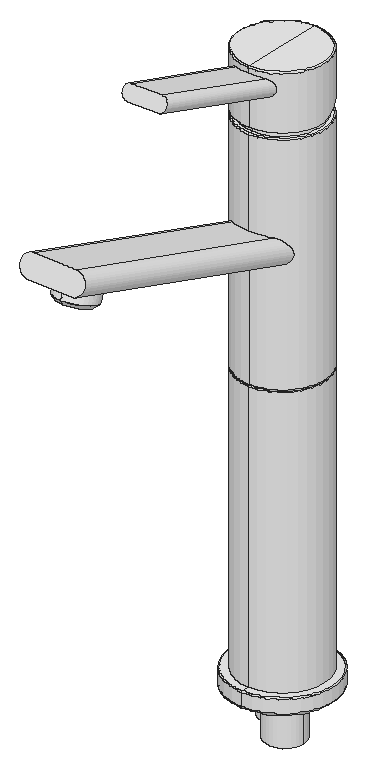
Revit family "Mixer-Basin-Dorf Villa-Tower", category Plumbing Fixtures, host Face, Revit 2014
Parameters (values of type "Standard")
  Width_ANZRS = 54 mm  # constant formula
  Waste Connection = no
  WELSRating_ANZRS = "WELS 5 star rated, 6L/min"  # constant formula
  Vent Connection = no
  URL = "http://specify.caroma.com.au/"
  Type Comments = "Dorf Villa Tower Basin Mixer"  # constant formula
  ModifiedIssue_ANZRS = 20150505.01  # constant formula
  Model = "6902.045A "  # constant formula
  Material_ANZRS = Metal-Chrome-Caroma
  Manufacturer = "GWA Bathrooms & Kitchens"  # constant formula
  Length_ANZRS = 167 mm  # constant formula
  Height_ANZRS = 184 mm  # constant formula
  HWFU = 1.58  # constant formula
  HW Connection = yes
  Description = "The Villa range is a timeless, yet modern design with circular profiles to soften it’s sharp angles"  # constant formula
  Default Elevation = 0 mm
  CreatedBy_ANZRS = "Design Content"  # constant formula
  CreatedByURL_ANZRS = "http://www.designcontent.com.au"
  Cost = 0
  Connector Radius = 10 mm  # constant formula
  CWFU = 1.58  # constant formula
  CW Connection = yes
  Assembly Code = "D2020300"
Reference planes
  plane 1 "Center (Front/Back)": y = 0
  plane 2: z = 0
  plane 3 "Center (Left/Right)": x = 0
Forms (mm)
  Extrusion 1, solid, material "Metal-Chrome-Caroma" <- "Material_ANZRS"
    sketch origin (0, 0, 0) x (1, 0, 0) y (0, 1, 0)
      loop
        circle (7.071, -7.071) r 10
    from -20 to 0
  Extrusion 2, solid, material "Metal-Chrome-Caroma" <- "Material_ANZRS"
    sketch origin (0, 0, 0) x (1, 0, 0) y (0, 1, 0)
      loop
        circle (-7.071, 7.071) r 10
    from -20 to 0
  Revolve 3, solid, material "Metal-Chrome-Caroma" <- "Material_ANZRS"
    sketch origin (0, 0, 0) x (0, 1, 0) y (0, 0, 1)
      loop
        line (0, 0) -> (26.521, 0)
        arc (26.521, 0) -> (26.875, 0.146) -> (27.021, 0.5) r 0.5
        line (27.021, 0.5) -> (27.021, 7.5)
        arc (27.021, 7.5) -> (26.875, 7.854) -> (26.521, 8) r 0.5
        line (26.521, 8) -> (22.5, 8) -> (22.5, 152.442)
        arc (22.5, 152.442) -> (22.354, 152.796) -> (22, 152.942) r 0.5
        line (22, 152.942) -> (0, 152.942) -> (0, 0)
      axis (0, 152.942) -> (0, 0)
    angle from 0 to 360
  Revolve 4, solid, material "Metal-Chrome-Caroma" <- "Material_ANZRS"
    sketch origin (0, 0, -40) x (0, 1, 0) y (0, 0, 1)
      loop
        line (0, 192.942) -> (22, 192.942)
        arc (22, 192.942) -> (22.354, 193.089) -> (22.5, 193.442) r 0.5
        line (22.5, 193.442) -> (22.5, 313.5)
        arc (22.5, 313.5) -> (22.354, 313.854) -> (22, 314) r 0.5
        line (22, 314) -> (20, 314)
        arc (20, 314) -> (18.995, 320.35) -> (15.928, 326) r 18.975
        line (15.928, 326) -> (0, 326) -> (0, 192.942)
      axis (0, 326) -> (0, 192.942)
    angle from 0 to 360
  Revolve 5, solid, material "Metal-Chrome-Caroma" <- "Material_ANZRS"
    sketch origin (0, 0, 124) x (0, 1, 0) y (0, 0, 1)
      loop
        line (0, 153) -> (0, 182) -> (-22, 182)
        arc (-22, 182) -> (-22.354, 181.854) -> (-22.5, 181.5) r 0.5
        line (-22.5, 181.5) -> (-22.5, 153) -> (0, 153)
      axis (0, 182) -> (0, 153)
    angle from 0 to 360
  Extrusion 6, void
    sketch origin (0, 0, 124) x (0, 1, 0) y (0, 0, 1)
      loop
        line (-3.612, 151.316) -> (23.495, 151.316) -> (23.495, 163.956) -> (-3.612, 151.316)
    from -50 to 50
  Sweep 7, solid, material "Metal-Chrome-Caroma" <- "Material_ANZRS"
    path origin (0, 0, 124) x (0, 1, 0) y (0, 0, 1)
      loop
        line (-16.654, 177.101) -> (-90.837, 201.204)
    profile origin (0, -90.837, 325.204) x (0, -0.309017, -0.951057) y (1, 0, 0)
      loop
        line (0, 8) -> (0, -8)
        arc (0, -8) -> (4, -12) -> (8, -8) r 4
        line (8, -8) -> (8, 8)
        arc (8, 8) -> (4, 12) -> (0, 8) r 4
  Sweep 8, solid, material "Metal-Chrome-Caroma" <- "Material_ANZRS"
    path origin (0, 0.153, 48.309) x (0, 1, 0) y (0, 0, 1)
      loop
        line (-8.907, 174.559) -> (-152.01, 221.056)
    profile origin (0, -151.856, 269.365) x (0, -0.309017, -0.951057) y (1, 0, 0)
      loop
        line (0, 11.5) -> (0, -11.5)
        arc (0, -11.5) -> (6, -17.5) -> (12, -11.5) r 6
        line (12, -11.5) -> (12, 11.5)
        arc (12, 11.5) -> (6, 17.5) -> (0, 11.5) r 6
  Revolve 9, solid, material "Metal-Chrome-Caroma" <- "Material_ANZRS"
    sketch origin (0, -88.988, 170.036) x (0, 1, 0) y (0, 0, 1)
      loop
        line (-41.9, 71.274) -> (-39.202, 72.5) -> (-35.668, 83.377) -> (-45.83, 86.678) -> (-49.982, 73.9) -> (-41.9, 71.274)
      axis (-49.982, 73.9) -> (-45.83, 86.678)
    angle from 0 to 360
Cuts and joins
  Extrusion 6 cuts Revolve 5
  joined: Revolve 4, Revolve 5, Sweep 7, Sweep 8, Revolve 9
Lines and regions (mm)
  Masking region 1
    outline origin (0, 0, 0) x (0, 1, 0) y (0, 0, 1)
      loop
        line (-26.521, 0) -> (26.521, 0)
        arc (26.521, 0) -> (26.875, 0.146) -> (27.021, 0.5) r 0.5
        line (27.021, 0.5) -> (27.021, 7.5)
        arc (27.021, 7.5) -> (26.875, 7.854) -> (26.521, 8) r 0.5
        line (26.521, 8) -> (22.5, 8) -> (22.5, 152.442)
        arc (22.5, 152.442) -> (22.354, 152.796) -> (22, 152.942) r 0.5
        arc (22, 152.942) -> (22.354, 153.089) -> (22.5, 153.442) r 0.5
        line (22.5, 153.442) -> (22.5, 273.5)
        arc (22.5, 273.5) -> (22.354, 273.854) -> (22, 274) r 0.5
        line (22, 274) -> (20, 274)
        arc (20, 274) -> (19.216, 279.658) -> (16.783, 284.826) r 18.975
        line (16.783, 284.826) -> (22.5, 287.492) -> (22.5, 305.5)
        arc (22.5, 305.5) -> (22.354, 305.854) -> (22, 306) r 0.5
        line (22, 306) -> (0, 306) -> (-22, 306)
        arc (-22, 306) -> (-22.354, 305.854) -> (-22.5, 305.5) r 0.5
        line (-22.5, 305.5) -> (-22.5, 303) -> (-90.361, 325.05)
        arc (-90.361, 325.05) -> (-90.743, 325.02) -> (-90.991, 324.729) r 0.5
        line (-90.991, 324.729) -> (-93.154, 318.071)
        arc (-93.154, 318.071) -> (-93.124, 317.69) -> (-92.833, 317.441) r 0.5
        line (-92.833, 317.441) -> (-22.5, 294.588) -> (-22.5, 277) -> (-19.802, 277)
        arc (-19.802, 277) -> (-19.96, 275.504) -> (-20, 274) r 18.975
        line (-20, 274) -> (-22, 274)
        arc (-22, 274) -> (-22.354, 273.854) -> (-22.5, 273.5) r 0.5
        line (-22.5, 273.5) -> (-22.5, 227.335) -> (-151.856, 269.365) -> (-155.565, 257.953) -> (-146.597, 255.039) -> (-148.513, 249.14) -> (-147.051, 246.562) -> (-130.888, 241.31) -> (-128.19, 242.537) -> (-126.274, 248.435) -> (-22.5, 214.717) -> (-22.5, 153.442)
        arc (-22.5, 153.442) -> (-22.354, 153.089) -> (-22, 152.942) r 0.5
        arc (-22, 152.942) -> (-22.354, 152.796) -> (-22.5, 152.442) r 0.5
        line (-22.5, 152.442) -> (-22.5, 8) -> (-26.521, 8)
        arc (-26.521, 8) -> (-26.875, 7.854) -> (-27.021, 7.5) r 0.5
        line (-27.021, 7.5) -> (-27.021, 0.5)
        arc (-27.021, 0.5) -> (-26.875, 0.146) -> (-26.521, 0) r 0.5
  Masking region 2
    outline origin (0, 0, 0) x (1, 0, 0) y (0, 0, 1)
      loop
        arc (26.521, 0) -> (26.875, 0.146) -> (27.021, 0.5) r 0.5
        line (27.021, 0.5) -> (27.021, 7.5)
        arc (27.021, 7.5) -> (26.875, 7.854) -> (26.521, 8) r 0.5
        line (26.521, 8) -> (22.5, 8) -> (22.5, 152.444)
        arc (22.5, 152.444) -> (22.354, 152.797) -> (22, 152.944) r 0.5
        arc (22, 152.944) -> (22.354, 153.09) -> (22.5, 153.444) r 0.5
        line (22.5, 153.444) -> (22.5, 273.5)
        arc (22.5, 273.5) -> (22.354, 273.854) -> (22, 274) r 0.5
        line (22, 274) -> (20, 274)
        arc (20, 274) -> (19.96, 275.504) -> (19.802, 277) r 18.975
        line (19.802, 277) -> (22.5, 277) -> (22.5, 305.5)
        arc (22.5, 305.5) -> (22.354, 305.854) -> (22, 306) r 0.5
        line (22, 306) -> (12, 306) -> (12, 321.4)
        spline (12, 321.4) -> (11.966, 321.896) -> (11.864, 322.384) -> (11.695, 322.856) -> (11.464, 323.302) -> (11.173, 323.716) -> (10.828, 324.09) -> (10.435, 324.418) -> (10, 324.694) -> (9.531, 324.915) -> (9.035, 325.074) -> (8.522, 325.172) -> (8, 325.204)
        line (8, 325.204) -> (-8, 325.204)
        spline (-8, 325.204) -> (-8.522, 325.172) -> (-9.035, 325.074) -> (-9.531, 324.915) -> (-10, 324.694) -> (-10.435, 324.418) -> (-10.828, 324.09) -> (-11.173, 323.716) -> (-11.464, 323.302) -> (-11.695, 322.856) -> (-11.864, 322.384) -> (-11.966, 321.896) -> (-12, 321.4)
        line (-12, 321.4) -> (-12, 306) -> (-22, 306)
        arc (-22, 306) -> (-22.354, 305.854) -> (-22.5, 305.5) r 0.5
        line (-22.5, 305.5) -> (-22.5, 277) -> (-19.802, 277)
        arc (-19.802, 277) -> (-19.96, 275.504) -> (-20, 274) r 18.975
        line (-20, 274) -> (-22, 274)
        arc (-22, 274) -> (-22.354, 273.854) -> (-22.5, 273.5) r 0.5
        line (-22.5, 273.5) -> (-22.5, 153.444)
        arc (-22.5, 153.444) -> (-22.354, 153.09) -> (-22, 152.944) r 0.5
        arc (-22, 152.944) -> (-22.354, 152.797) -> (-22.5, 152.444) r 0.5
        line (-22.5, 152.444) -> (-22.5, 8) -> (-26.521, 8)
        arc (-26.521, 8) -> (-26.875, 7.854) -> (-27.021, 7.5) r 0.5
        line (-27.021, 7.5) -> (-27.021, 0.5)
        arc (-27.021, 0.5) -> (-26.875, 0.146) -> (-26.521, 0) r 0.5
        line (-26.521, 0) -> (26.521, 0)
  Masking region 3
    outline origin (0, 0, 0) x (1, 0, 0) y (0, 1, 0)
      loop
        arc (17.5, -20.561) -> (0, 27) -> (-17.5, -20.561) r 27
        line (-17.5, -20.561) -> (-17.5, -153.71)
        spline (-17.5, -153.71) -> (-17.449, -153.952) -> (-17.295, -154.19) -> (-17.043, -154.42) -> (-16.696, -154.638) -> (-16.26, -154.839) -> (-15.743, -155.022) -> (-15.152, -155.181) -> (-14.5, -155.316) -> (-13.796, -155.423) -> (-13.053, -155.501) -> (-12.283, -155.549) -> (-11.5, -155.565)
        line (-11.5, -155.565) -> (11.5, -155.565)
        spline (11.5, -155.565) -> (12.283, -155.549) -> (13.053, -155.501) -> (13.796, -155.423) -> (14.5, -155.316) -> (15.152, -155.181) -> (15.743, -155.022) -> (16.26, -154.839) -> (16.696, -154.638) -> (17.043, -154.42) -> (17.295, -154.19) -> (17.449, -153.952) -> (17.5, -153.71)
        line (17.5, -153.71) -> (17.5, -20.561)
  symbolic lines, style "Taps/Mixers"
    curve 1: line (0, -19.802, 277) -> (0, 0, 277)
    curve 2: line (0, 0, 277) -> (0, 16.778, 284.824)
    curve 3: line (0, 20, 274) -> (0, -20, 274)
    curve 4: line (0, 22, 152.942) -> (0, -22, 152.942)
    curve 5: line (0, 22.5, 8) -> (0, -22.5, 8)
    curve 6: line (0, -21.03, 294.111) -> (0, -21.03, 302.522)
    curve 7: line (0, -21.03, 302.522) -> (0, -22.5, 303)
    curve 8: line (0, -21.03, 294.111) -> (0, -22.5, 294.588)
    curve 9: line (-22, 0, 152.947) -> (22.051, 0, 152.947)
    curve 10: line (-22.5, 0, 8) -> (22.5, 0, 8)
    curve 11: line (8, -90.976, 0) -> (-8, -90.976, 0)
    curve 12: line (-8, -93.448, 0) -> (8, -93.448, 0)
    curve 13: spline (-8, -90.976, 0) -> (-9.035, -91.018, 0) -> (-10, -91.141, 0) -> (-10.828, -91.338, 0) -> (-11.464, -91.594, 0) -> (-11.864, -91.892, 0) -> (-12, -92.212, 0) -> (-11.864, -92.532, 0) -> (-11.464, -92.83, 0) -> (-10.828, -93.086, 0) -> (-10, -93.282, 0) -> (-9.035, -93.406, 0) -> (-8, -93.448, 0)
    curve 14: spline (8, -93.448, 0) -> (9.035, -93.406, 0) -> (10, -93.282, 0) -> (10.828, -93.086, 0) -> (11.464, -92.83, 0) -> (11.864, -92.532, 0) -> (12, -92.212, 0) -> (11.864, -91.892, 0) -> (11.464, -91.594, 0) -> (10.828, -91.338, 0) -> (10, -91.141, 0) -> (9.035, -91.018, 0) -> (8, -90.976, 0)
    curve 15: line (11.5, -151.856, 0) -> (-11.5, -151.856, 0)
    curve 16: spline (-11.5, -151.856, 0) -> (-13.053, -151.92, 0) -> (-14.5, -152.105, 0) -> (-15.743, -152.399, 0) -> (-16.696, -152.783, 0) -> (-17.295, -153.231, 0) -> (-17.5, -153.71, 0) -> (-17.295, -154.19, 0) -> (-16.696, -154.638, 0) -> (-15.743, -155.022, 0) -> (-14.5, -155.316, 0) -> (-13.053, -155.501, 0) -> (-11.5, -155.565, 0)
    curve 17: spline (11.5, -155.565, 0) -> (13.053, -155.501, 0) -> (14.5, -155.316, 0) -> (15.743, -155.022, 0) -> (16.696, -154.638, 0) -> (17.295, -154.19, 0) -> (17.5, -153.71, 0) -> (17.295, -153.231, 0) -> (16.696, -152.783, 0) -> (15.743, -152.399, 0) -> (14.5, -152.105, 0) -> (13.053, -151.92, 0) -> (11.5, -151.856, 0)
    curve 18: arc (0, 22.5, 0) -> (-22.5, 0, 0) -> (0, -22.5, 0) r 22.5
    curve 19: arc (0, -22.5, 0) -> (22.5, 0, 0) -> (0, 22.5, 0) r 22.5
    curve 20: line (-12, -92.212, 0) -> (-12, -19.033, 0)
    curve 21: line (12, -92.212, 0) -> (12, -19.033, 0)
    curve 22: line (-17.5, -153.71, 0) -> (-17.5, -14.142, 0)
    curve 23: line (17.5, -153.71, 0) -> (17.5, -14.142, 0)
    curve 24: line (11.5, 0, 269.365) -> (-11.5, 0, 269.365)
    curve 25: arc (-11.5, 0, 257.365) -> (-17.5, 0, 263.365) -> (-11.5, 0, 269.365) r 6
    curve 26: arc (11.5, 0, 269.365) -> (17.5, 0, 263.365) -> (11.5, 0, 257.365) r 6
    curve 27: line (-11.5, 0, 257.365) -> (11.5, 0, 257.365)
    curve 28: line (-12, 0, 306.143) -> (-12, 0, 297.843)
    curve 29: spline (0, 0, 294.588) -> (-0.683, 0, 294.585) -> (-1.365, 0, 294.575) -> (-2.046, 0, 294.558) -> (-2.725, 0, 294.534) -> (-3.401, 0, 294.504) -> (-4.074, 0, 294.468) -> (-4.742, 0, 294.424) -> (-5.406, 0, 294.374) -> (-6.064, 0, 294.318) -> (-6.717, 0, 294.255) -> (-7.362, 0, 294.186) -> (-8, 0, 294.111)
    curve 30: spline (8, 0, 294.111) -> (7.362, 0, 294.186) -> (6.717, 0, 294.255) -> (6.064, 0, 294.318) -> (5.406, 0, 294.374) -> (4.742, 0, 294.424) -> (4.074, 0, 294.468) -> (3.401, 0, 294.504) -> (2.725, 0, 294.534) -> (2.046, 0, 294.558) -> (1.365, 0, 294.575) -> (0.683, 0, 294.585) -> (0, 0, 294.588)
    curve 31: line (12, 0, 306) -> (12, 0, 297.743)
    curve 32: arc (12, 0, 297.743) -> (10.804, 0, 295.041) -> (8, 0, 294.111) r 3.649
    curve 33: arc (-12, 0, 297.843) -> (-10.811, 0, 295.108) -> (-8, 0, 294.111) r 3.741
    curve 34: line (-19.806, 0, 277) -> (20.194, 0, 277)
    curve 35: line (20, 0, 274) -> (-20, 0, 274)
    curve 36: line (-8, 0, 317.596) -> (8, 0, 317.596)
    curve 37: spline (-8, 0, 325.204) -> (-9.035, 0, 325.074) -> (-10, 0, 324.694) -> (-10.828, 0, 324.09) -> (-11.464, 0, 323.302) -> (-11.864, 0, 322.384) -> (-12, 0, 321.4) -> (-11.864, 0, 320.415) -> (-11.464, 0, 319.498) -> (-10.828, 0, 318.71) -> (-10, 0, 318.105) -> (-9.035, 0, 317.725) -> (-8, 0, 317.596)
    curve 38: spline (8, 0, 317.596) -> (9.035, 0, 317.725) -> (10, 0, 318.105) -> (10.828, 0, 318.71) -> (11.464, 0, 319.498) -> (11.864, 0, 320.415) -> (12, 0, 321.4) -> (11.864, 0, 322.384) -> (11.464, 0, 323.302) -> (10.828, 0, 324.09) -> (10, 0, 324.694) -> (9.035, 0, 325.074) -> (8, 0, 325.204)
    curve 39: arc (0, 0, 214.717) -> (6.791, 0, 214.605) -> (13.532, 0, 213.777) r 64.265
    curve 40: line (17.5, 0, 263.365) -> (17.5, 0, 218.334)
    curve 41: arc (13.532, 0, 213.777) -> (16.369, 0, 215.312) -> (17.5, 0, 218.334) r 4.601
    curve 42: arc (0, 0, 214.717) -> (-6.791, 0, 214.605) -> (-13.532, 0, 213.777) r 64.265
    curve 43: line (-17.5, 0, 263.365) -> (-17.5, 0, 218.334)
    curve 44: arc (-13.532, 0, 213.777) -> (-16.369, 0, 215.312) -> (-17.5, 0, 218.334) r 4.601
    curve 45: line (0, -155.565, 257.953) -> (0, -19.339, 213.69)
    curve 46: line (0, -19.339, 226.308) -> (0, -22.501, 227.335)
    curve 47: line (0, -19.339, 213.69) -> (0, -19.339, 226.308)
    curve 48: line (0, -128.19, 242.537) -> (0, -148.513, 249.14)
    curve 49: spline (0, 0, 246.562) -> (-2.199, 0, 246.473) -> (-4.249, 0, 246.21) -> (-6.009, 0, 245.793) -> (-7.359, 0, 245.249) -> (-8.208, 0, 244.616) -> (-8.498, 0, 243.936) -> (-8.208, 0, 243.257) -> (-7.359, 0, 242.623) -> (-6.009, 0, 242.079) -> (-4.249, 0, 241.662) -> (-2.199, 0, 241.4) -> (0, 0, 241.31)
    curve 50: spline (0, 0, 241.31) -> (2.199, 0, 241.4) -> (4.249, 0, 241.662) -> (6.009, 0, 242.079) -> (7.359, 0, 242.623) -> (8.208, 0, 243.257) -> (8.498, 0, 243.936) -> (8.208, 0, 244.616) -> (7.359, 0, 245.249) -> (6.009, 0, 245.793) -> (4.249, 0, 246.21) -> (2.199, 0, 246.473) -> (0, 0, 246.562)
    curve 51: spline (10.248, 0, 244.904) -> (10.682, 0, 245.913) -> (10.1, 0, 246.915) -> (8.558, 0, 247.815) -> (6.202, 0, 248.527) -> (3.256, 0, 248.983) -> (0, 0, 249.14) -> (-3.256, 0, 248.983) -> (-6.202, 0, 248.527) -> (-8.558, 0, 247.815) -> (-10.1, 0, 246.915) -> (-10.682, 0, 245.913) -> (-10.248, 0, 244.904)
    curve 52: spline (-10.685, 0, 251.737) -> (-10.32, 0, 252.592) -> (-9.253, 0, 253.388) -> (-7.555, 0, 254.072) -> (-5.342, 0, 254.596) -> (-2.765, 0, 254.926) -> (0, 0, 255.039) -> (2.765, 0, 254.926) -> (5.342, 0, 254.596) -> (7.555, 0, 254.072) -> (9.253, 0, 253.388) -> (10.32, 0, 252.592) -> (10.685, 0, 251.737)
    curve 53: line (-10.685, 0, 251.737) -> (-10.685, 0, 245.838)
    curve 54: line (10.685, 0, 251.737) -> (10.685, 0, 245.838)
    curve 55: line (-10.248, 0, 244.904) -> (-8.195, 0, 243.241)
    curve 56: line (10.248, 0, 244.904) -> (8.195, 0, 243.241)
Dimensions and locks
  aligned and locked: plane 2 to host face
  aligned and locked: level to host face
Connectors
  piping at (7.071, -7.071, -20), diameter 20, driven by "Connector Radius", driven by "CWFU"
    settings: on Extrusion 1, index 5, connector inside diameter 0.7874", connector length 0 mm, flow factor 0, pipe flow 0 GPM, pressure drop 0.00 psi, fitting loss kfactor 0, connector angle 0.00°, fixture units 1.58, engagement length 0 mm, angle of deflection 0.00°, flow configuration 3, flow direction 1, fitting loss method 0, system type 20, joint type 0, gender type 0, connector reference index -1, connector utility 0, adjustable connector no, is connector primary yes, connector description ""
  piping at (-7.071, 7.071, -20), diameter 20, driven by "Connector Radius", driven by "HWFU"
    settings: on Extrusion 2, index 6, connector inside diameter 0.7874", connector length 0 mm, flow factor 0, pipe flow 0 GPM, pressure drop 0.00 psi, fitting loss kfactor 0, connector angle 0.00°, fixture units 1.58, engagement length 0 mm, angle of deflection 0.00°, flow configuration 3, flow direction 1, fitting loss method 0, system type 19, joint type 0, gender type 0, connector reference index -1, connector utility 0, adjustable connector no, is connector primary no, connector description ""
